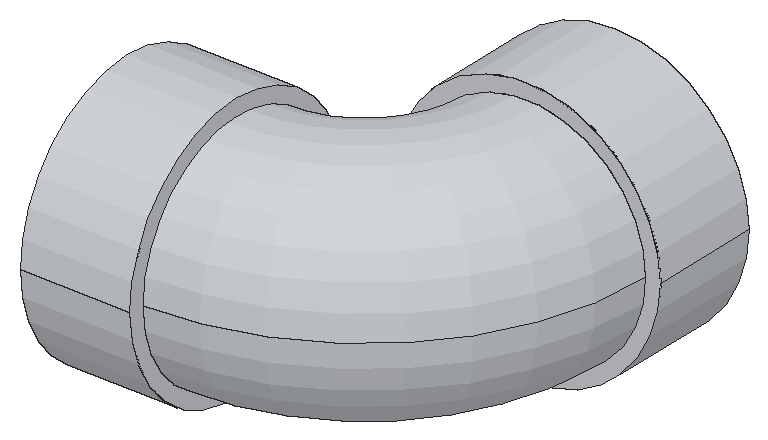
Revit family "M_Cotovelo - Rosqueado - MI - Classe 300", category Conexões de tubo, Revit 2019
Family settings
  Cota do conector redondo = Usar raio
  Tipo de parte = Cotovelo
  Número OmniClass = 23.60.30.11.14
  Título OmniClass = Pipework Fittings
  ID de item do Seek = Elbow - Threaded - MI - Class 300-0000-CAN-ENU
  Com base no plano de trabalho = Não
  Sempre na vertical = Sim
  Corte com vazios quando carregada = Não
  Compartilhado = Não
Parameters (values of type "Padrão")
  Tamanho da marca de revisão [instance] = Diâmetro externo da conexão * 0.4  # 8.36 mm
  Espessura do Metal [instance] = size_lookup(Nome da tabela de pesquisa, "MThk", 0.07 * Diâmetro nominal + 3.076 mm, Diâmetro nominal)  # 3.6 mm
  Método de perda = Coeficiente K da tabela
  Nome da tabela de pesquisa = "M_Elbow - Threaded - MI - Class 300"
  Comprimento 3 [instance] = Centro ao final * sin(Ângulo)  # 23.9 mm
  Comprimento 2 [instance] = Centro ao final * cos(Ângulo) + Centro ao final  # 23.9 mm
  Tabela de coeficiente K = "Cotovelo rosqueado comum de 45, 90 e 180"
  Raio externo da conexão [instance] = Diâmetro externo da conexão / 2  # 10.45 mm
  Diâmetro externo da conexão [instance] = Diâmetro interno da conexão + Espessura do Metal * 2  # 20.9 mm
  Comprimento 1 [instance] = (Raio externo da conexão + 0.794 mm) * tan(Ângulo / 2) + Largura da fita  # 20.944 mm
  Raio nominal [instance] = 4 mm
  Diâmetro nominal [instance] = Raio nominal * 2  # 8 mm
  Diâmetro interno da conexão [instance] = size_lookup(Nome da tabela de pesquisa, "FID", 1.04 * Diâmetro nominal + 6.648 mm, Diâmetro nominal)  # 13.7 mm
  Centro ao final 1 [instance] = size_lookup(Nome da tabela de pesquisa, "CtE1", 0.86 * Diâmetro nominal + 19.05 mm, Diâmetro nominal)  # 23.9 mm
  Centro ao final 2 [instance] = size_lookup(Nome da tabela de pesquisa, "CtE2", 0.62 * Diâmetro nominal + 17.066 mm, Diâmetro nominal)  # 20.6 mm
  Centro ao final [instance] = if(and(Ângulo > 0.00°, (not(Ângulo > 45.00°))), if(Centro ao final 2 > Raio externo da conexão * tan(Ângulo / 2) + Largura da fita, Centro ao final 2, Comprimento 1), if(Centro ao final 1 > Raio externo da conexão * tan(Ângulo / 2) + Largura da fita, Centro ao final 1, Comprimento 1))  # 23.9 mm
  Raio do centro [instance] = (Centro ao final - Largura da fita) / tan(Ângulo / 2)  # 14.2 mm
  Largura da fita [instance] = size_lookup(Nome da tabela de pesquisa, "BWid", 0.22 * Diâmetro nominal + 9.624 mm, Diâmetro nominal)  # 9.7 mm
  Raio externo da fita [instance] = Diâmetro externo da fita / 2  # 11.8 mm
  Diâmetro externo da fita [instance] = size_lookup(Nome da tabela de pesquisa, "BOD", 1.29 * Diâmetro nominal + 15.974 mm, Diâmetro nominal)  # 23.6 mm
  Assembly Code = ""
  Ângulo [instance] = 90.00°
Reference planes
  plane 1 "Centro (Frente/Trás)": y = 0
  plane 2: z = 0
  plane 3 "Centro (Esquerda/Direita)": x = 0
  plane 4: x = -14.2
  plane 5: x = -23.9
  plane 6: y = 14.2
  plane 7: y = 8.36
  plane 8: y = -8.36
  plane 9: x = 0
  plane 10: y = 23.9
Forms (mm)
  Sweep 1, solid, detail levels fine
    path in 3D
      loop
        arc (-14.2, 0, 0) -> (-4.159, 4.159, 0) -> (0, 14.2, 0) r 14.2
    profile origin (-4.159, 4.159, 0) x (-0.707107, 0.707107, 0) y (0, 0, 1)
      loop
        circle (0, 0) r 10.45
  Sweep 2, solid, detail levels fine
    path in 3D
      loop
        line (-23.9, 0, 0) -> (-14.2, 0, 0)
    profile origin (-19.05, 0, 0) x (0, 1, 0) y (0, 0, 1)
      loop
        circle (0, 0) r 11.8
  Sweep 3, solid, detail levels fine
    path in 3D
      loop
        line (0, 14.2, 0) -> (0, 23.9, 0)
    profile origin (0, 19.05, 0) x (-1, 0, 0) y (0, 0, 1)
      loop
        circle (0, 0) r 11.8
Cuts and joins
  joined: Sweep 1, Sweep 2, Sweep 3
Lines and regions (mm)
  model lines, detail levels coarse+medium
    curve 1: line (-23.9, 0, 0) -> (-14.2, 0, 0)
    curve 2: arc (-14.2, 0, 0) -> (-4.159, 4.159, 0) -> (0, 14.2, 0) r 14.2
    curve 3: line (0, 14.2, 0) -> (0, 23.9, 0)
    curve 8: line (-23.9, 0, 0) -> (-23.9, 8.36, 0)
    curve 9: line (-23.9, 0, 0) -> (-23.9, -8.36, 0)
    curve 10: line (0, 23.9, 0) -> (-8.36, 23.9, 0)
    curve 11: line (0, 23.9, 0) -> (8.36, 23.9, 0)
  sketch lines
    curve 4: arc (-14.2, 0, 0) -> (-4.159, 4.159, 0) -> (0, 14.2, 0) r 14.2
    curve 5: line (-23.9, 0, 0) -> (-14.2, 0, 0)
    curve 6: line (0, 14.2, 0) -> (0, 23.9, 0)
  reference lines
    curve 7: line (-23.9, 0, 0) -> (-14.2, 0, 0)
    curve 12: line (0, 23.9, 0) -> (0, 14.2, 0)
Dimensions and locks
  "Raio do centro": plane 6 to plane 1 "Centro (Frente/Trás)"
  "Largura da fita": plane 5 to plane 4
  "Tamanho da marca de revisão": plane 7 to plane 1 "Centro (Frente/Trás)"
  "Tamanho da marca de revisão": plane 8 to plane 1 "Centro (Frente/Trás)"
  "Largura da fita": curve 3 to curve 3
  "Tamanho da marca de revisão": curve 10 to curve 10
  "Tamanho da marca de revisão": curve 11 to curve 11
  "Centro ao final": plane 5 to plane 3 "Centro (Esquerda/Direita)"
  "Comprimento 2": plane 5 to plane 9
  "Comprimento 3": plane 10 to plane 1 "Centro (Frente/Trás)"
  "Raio do centro": radius of curve 2
  "Raio externo da conexão": radius of Sweep 1 sketch curve
  "Raio externo da fita": radius of Sweep 2 sketch curve
  "Raio externo da fita": radius of Sweep 3 sketch curve
  "Ângulo": angle curve 2 to curve 2
  "Ângulo": angle plane 1 "Centro (Frente/Trás)" to curve 3
  locked: curve 11 to curve 3 (angle 90.00°)
  locked: curve 3 to curve 10 (angle 90.00°)
  "Ângulo": angle plane 10 to curve 12
  aligned and locked: plane 4 to curve 2
  aligned and locked: plane 5 to curve 7
  aligned and locked: plane 1 "Centro (Frente/Trás)" to curve 7
  aligned and locked: plane 7 to curve 8
  aligned and locked: plane 1 "Centro (Frente/Trás)" to curve 9
  aligned and locked: plane 8 to curve 9
  aligned and locked: curve 9 to plane 5
  aligned and locked: plane 9 to curve 12
  aligned and locked: plane 10 to curve 12
Automatic sketch dimensions
  Sweep 1 sketch curve to profile plane = 0 mm  (x2)
  Sweep 2 sketch curve to profile plane = 0 mm  (x2)
  Sweep 3 sketch curve to profile plane = 0 mm  (x2)
  curve 7 to plane 4 = 0 mm
Connectors
  piping at (-23.9, 0, 0), diameter 8, driven by "Ângulo", driven by "Raio nominal"
    settings: on cut or joined group of Sweep 1, Sweep 2, Sweep 3, index 1, connector inside diameter 8 mm, connector length 0 mm, flow factor 0, pipe flow 0.0 L/s, pressure drop 0.0 Pa, fitting loss kfactor 0, connector angle 90.00°, fixture units 0, engagement length 0 mm, angle of deflection 0.00°, flow configuration 0, flow direction 0, fitting loss method 0, system type 28, joint type 0, gender type 0, connector reference index 2, connector utility 0, adjustable connector no, is connector primary yes, connector description ""
  piping at (0, 23.9, 0), diameter 8, driven by "Ângulo", driven by "Raio nominal"
    settings: on cut or joined group of Sweep 1, Sweep 2, Sweep 3, index 2, connector inside diameter 8 mm, connector length 0 mm, flow factor 0, pipe flow 0.0 L/s, pressure drop 0.0 Pa, fitting loss kfactor 0, connector angle 90.00°, fixture units 0, engagement length 0 mm, angle of deflection 0.00°, flow configuration 0, flow direction 0, fitting loss method 0, system type 28, joint type 0, gender type 0, connector reference index 1, connector utility 0, adjustable connector no, is connector primary no, connector description ""
